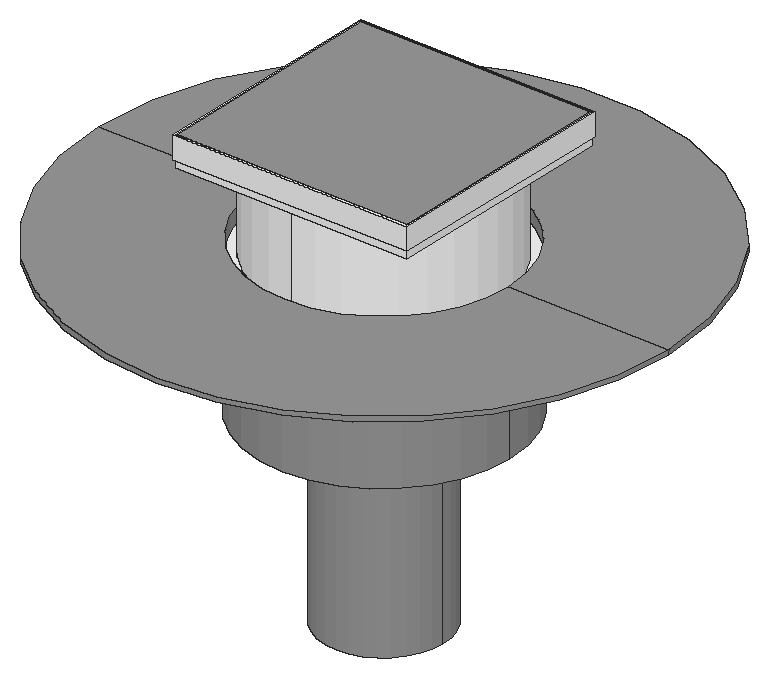
Revit family "HL_RU_Roof drain_HL62BF-B-221103", category Instalační zařizovací předměty, Revit 2021
Family settings
  Kóta kulaté spojky = Použít průměr
  Typ dílu = Normální
  Číslo OmniClass = 23.70.50.21.24.14
  Nadpis OmniClass = Deck Waste Water Drains
  Založené na pracovní rovině = Ne
  Vždy vertikální = Ano
  Ořezat dutým tvarem při načtení = Ne
  Sdílené = Ne
  Bod výpočtu místnosti = Ano
Parameters
  РЕШЁТКА = "Edelstahl 137x137mm"
  РАЗМЕР = "DN75"
  ПРОПУСКНАЯ СПОСОБНОСТЬ [instance] = 0.0 L/s
  ПРОИЗВОДИТЕЛЬНОСТЬ = "6,0 l/s"
  ПРАВОВАЯ ИНФОРМАЦИЯ = "Авторские права(©), права на дизайн или какие либо другие права интелектуальной собственности являются исключительной собственностью компании HL Hutterer & Lechner. Изменению не подлежит. Файл семейства с данными о прозводителе изделия защищен паролем с водяным знаком."
  НОМИНАЛЬНЫЙ ДИАМЕТР = 75 mm
  НАСАДКА = "19-65mm/148x148mm"
  МАТЕРИАЛ = "PP"
  МАКСИМАЛЬНАЯ НАГРУЗКА КЛАССА = "K - 300 kg"
  ВЕС = "1,32 [kg]"
  Výchozí výška = 0 mm
  Výrobce = "HL Hutterer & Lechner GmbH"  # constant formula
  URL = "http://www.hutterer-lechner.com/ru/products/catalog/roof-drains/HL62BF/7.aspx"
  Материал плитка [instance] = none
  Přípoj ventilace = no
  Přípoj odpadních dílů = yes
  Přípoj HW = no
  Přípoj CW = no
  Popis = "Кровельные воронки"
  Model = "HL62BF_7"
  Assembly Code = " "
  Type Comments = "HL62BF/7 Кровельная воронка DN75 для эксплуатируемой кровли, вертикальный выпуск, с ПП_фланцем,"
  Keynote = "HL62BF_7"
  EAN = "9003076031344"
  Bысота монтажа [instance] = 65 mm  # constant formula
  G [instance] = 180.00°  # constant formula
  D [instance] = if(НОМИНАЛЬНЫЙ ДИАМЕТР = 75 mm, 116.5 mm, if(НОМИНАЛЬНЫЙ ДИАМЕТР = 125 mm, 67 mm, 60 mm)) + Bысота монтажа  # 181.5 mm
  C [instance] = if(Bысота монтажа - 68 mm < 0 mm, 0 mm, Bысота монтажа - 68 mm)  # 0 mm
  B [instance] = 100 mm  # constant formula
  A [instance] = if(B - 100 mm > 15 mm, B - 100 mm, 15 mm)  # 15 mm
Types (4, lengths in mm): name | РАЗМЕР | НОМИНАЛЬНЫЙ ДИАМЕТР | ВЕС | URL | Model | Type Comments | Keynote | EAN | D
  (no name) | "DN75" | 75 | "1,32 [kg]" | "http://www.hutterer-lechner.com/ru/products/catalog/roof-drains/HL62BF/7.aspx" | "HL62BF_7" | "HL62BF/7 Кровельная воронка DN75 для эксплуатируемой кровли, вертикальный выпуск, с ПП_фланцем," | "HL62BF_7" | "9003076031344" | 181.5
  HL_Кровельная воронка_HL62BF_1 | "DN110" | 110 | "0,9 [kg]" | "http://www.hutterer-lechner.com/ru/products/catalog/roof-drains/HL62BF/1.aspx" | "HL62BF_1" | "HL62BF/1 Кровельная воронка DN110 для эксплуатируемой кровли, вертикальный выпуск, с ПП_фланцем," | "HL62BF_1" | "9003076031351" | 125
  HL_Кровельная воронка_HL62BF_2 | "DN125" | 125 | "0,94 [kg]" | "http://www.hutterer-lechner.com/ru/products/catalog/roof-drains/HL62BF/2.aspx" | "HL62BF_2" | "HL62BF/2 Кровельная воронка DN125 для эксплуатируемой кровли, вертикальный выпуск, с ПП_фланцем," | "HL62BF_2" | "9003076031368" | 132
  HL_Кровельная воронка_HL62BF_7 | "DN75" | 75 | "1,32 [kg]" | "http://www.hutterer-lechner.com/ru/products/catalog/roof-drains/HL62BF/7.aspx" | "HL62BF_7" | "HL62BF/7 Кровельная воронка DN75 для эксплуатируемой кровли, вертикальный выпуск, с ПП_фланцем," | "HL62BF_7" | "9003076031344" | 181.5
Reference planes
  plane 1 "Center (Front/Back)": y = 0
  plane 2: z = 0
  plane 3 "Center (Left/Right)": x = 0
  plane 4: z = -100
  plane 5: z = -65
Lines and regions (mm)
  model lines, style "InvisibleLines"
    curve 1: line (0, 0, 0) -> (0, 0, 20)
  model lines, style "PlumbingFixtures", detail levels coarse+medium
    curve 2: line (0, 0, -100) -> (0, 0, -85)
    curve 3: line (0, 0, -85) -> (-85, 0, 0)
    curve 4: line (0, 0, -85) -> (85, 0, 0)
    curve 6: line (0, 0, -100) -> (0, 0, -281.5)
  reference lines, not visible
    curve 5: line (0, 0, -100) -> (0, 0, -281.5)
  symbolic lines, style "PlumbingFixtures", detail levels coarse+medium
    curve 7: line (-75, 75, 0) -> (75, 75, 0)
    curve 8: line (-75, -75, 0) -> (-75, 75, 0)
    curve 9: line (75, -75, 0) -> (-75, -75, 0)
    curve 10: line (75, 75, 0) -> (75, -75, 0)
    curve 11: line (-75, 75, 0) -> (-145.711, 145.711, 0)
    curve 12: line (75, 75, 0) -> (145.711, 145.711, 0)
    curve 13: line (-75, -75, 0) -> (-145.711, -145.711, 0)
    curve 14: line (75, -75, 0) -> (145.711, -145.711, 0)
  symbolic lines, style "PlumbingFixtures", not visible, detail levels coarse+medium
    curve 15: line (-75, 75, 0) -> (75, 75, 0)
    curve 16: line (-75, -75, 0) -> (-75, 75, 0)
    curve 17: line (75, -75, 0) -> (-75, -75, 0)
    curve 18: line (75, 75, 0) -> (75, -75, 0)
    curve 19: line (-75, 75, 0) -> (-145.711, 145.711, 0)
    curve 20: line (75, 75, 0) -> (145.711, 145.711, 0)
    curve 21: line (-75, -75, 0) -> (-145.711, -145.711, 0)
    curve 22: line (75, -75, 0) -> (145.711, -145.711, 0)
Text (mm)
  text "FLOOR" at (-162.344, 0, -10.979), in view "Drain Construction View"
Dimensions and locks
  "B": plane 2 to plane 4
  "Bысота монтажа": plane 2 to plane 5
  "A": curve 4 to plane 4
  "D": curve 5 to curve 5
  "D": curve 6 to curve 6
  locked: curve 4 to plane 3 "Center (Left/Right)" (angle 45.00°)
  locked: plane 3 "Center (Left/Right)" to curve 3 (angle 45.00°)
  "G": angle curve 5 to plane 3 "Center (Left/Right)"
  aligned and locked: level to plane 2
  aligned and locked: plane 2 to curve 4
  aligned and locked: plane 2 to curve 3
  aligned and locked: plane 4 to curve 5
  aligned and locked: plane 3 "Center (Left/Right)" to curve 5
  aligned and locked: plane 4 to curve 2
  aligned and locked: curve 6 to plane 3 "Center (Left/Right)"
  aligned and locked: curve 6 to plane 4
  aligned and locked: plane 2 to nested 1
  aligned and locked: plane 3 "Center (Left/Right)" to nested 1
  aligned and locked: nested 2 to plane 3 "Center (Left/Right)"
  aligned and locked: nested 2 to plane 5
Automatic sketch dimensions
  curve 2 to plane 3 "Center (Left/Right)" = 0 mm
  curve 1 to plane 3 "Center (Left/Right)" = 0 mm
  curve 1 to level = 0 mm
  level to curve 1 = 20 mm
Nested families
  nested 1: "HL_Насадка_HL66.9S" at (0, 0, 0), Bысота монтажа <- "Bысота монтажа", type "HL_Grate frame_HL66.9S"
    with L 93 mm, IHmin 12 mm, IHmax 65 mm, Bысота монтажа 65 mm
  nested 2: "HL_кровельные воронки - корпус_HL62F" at (0, 0, -65), НОМИНАЛЬНЫЙ ДИАМЕТР <- "НОМИНАЛЬНЫЙ ДИАМЕТР", type "HL_кровельные воронки - корпус_HL62F"
    with НОМИНАЛЬНЫЙ ДИАМЕТР 75 mm, L 119.5 mm
Connectors
  piping at (0, 0, -281.5), diameter 75, driven by "ПРОПУСКНАЯ СПОСОБНОСТЬ", driven by "НОМИНАЛЬНЫЙ ДИАМЕТР"
    settings: on curve 5, index 1, connector inside diameter 609.6 mm, connector length 0 mm, flow factor 0, pipe flow 0.0 L/s, pressure drop 0.0 Pa, fitting loss kfactor 0, connector angle 0.00°, fixture units 0, engagement length 0 mm, angle of deflection 0.00°, flow configuration 1, flow direction 2, fitting loss method 0, system type 16, joint type 0, gender type 0, connector reference index -1, connector utility 0, adjustable connector yes, is connector primary yes, connector description ""
Definition of nested family "HL_Насадка_HL66.9S"
  Parameters (values of type "HL_Grate frame_HL66.9S")
    РЕШЁТКА = "Edelstahl 138x138mm"
    РАЗМЕР = "d 145 mm"
    ПРАВОВАЯ ИНФОРМАЦИЯ = "Авторские права(©), права на дизайн или какие либо другие права интелектуальной собственности являются исключительной собственностью компании HL Hutterer & Lechner. Изменению не подлежит. Файл семейства с данными о прозводителе изделия защищен паролем с водяным знаком."
    НАСАДКА = "147x147mm"
    МАТЕРИАЛ = "PP"
    МАКСИМАЛЬНАЯ НАГРУЗКА КЛАССА = "K - 300 kg"
    ВЫСОТА МОНТАЖА = "12-65mm"
    Материал плитка = none
    ВЕС = "0,345 [kg]"
    Default Elevation = 0 mm
    L [instance] = if(Bысота монтажа < IHmin, -100 mm, if(Bысота монтажа > IHmax, -100 mm, Bысота монтажа + 28 mm))  # 93 mm
    Manufacturer = "HL Hutterer & Lechner GmbH"
    URL = "http://www.hutterer-lechner.com/ru/products/catalog/roof-drains/HL66.9.aspx"
    Description = "Кровельные воронки"
    Model = "HL66.9"
    Type Comments = "HL66.9, Насадка d 145мм с бороздками/147х147мм/138х138мм"
    Keynote = "HL66.9"
    Bысота монтажа [instance] = 65 mm
    IHmin [instance] = 12 mm
    IHmax [instance] = 65 mm
    EAN = "9003076014606"
    Cost = 0
  Reference planes
    plane 1 "Střed (vpředu/vzadu)": y = 0
    plane 2: z = 0
    plane 3 "Střed (vlevo/vpravo)": x = 0
  Forms (mm)
    Revolve 1, solid, detail levels fine
      sketch origin (0, 0, 128) x (0, 1, 0) y (0, 0, 1)
        loop
          line (72.5, -142) -> (69.248, -142) -> (69.248, -221) -> (72.5, -221) -> (72.5, -142)
        axis (0, -142) -> (0, -221)
      angle from 0 to 360
    Extrusion 2, solid, detail levels fine
      sketch origin (-1.537, 0, -14.6) x (0, 1, 0) y (-1, 0, 0)
        loop
          line (74, 72.459) -> (-74, 72.459) -> (-74, -75.537) -> (74, -75.537) -> (74, 72.459)
        loop
          line (73, 71.463) -> (-73, 71.463) -> (-73, -74.537) -> (73, -74.537) -> (73, 71.463)
      from 0.6 to 14.6
    Extrusion 3, solid, detail levels fine
      sketch origin (-1.537, 0, -14) x (-1, 0, 0) y (0, 1, 0)
        loop
          line (71.463, 73) -> (-74.537, 73) -> (-74.537, -73) -> (71.463, -73) -> (71.463, 73)
        loop
          circle (-1.537, 0) r 72.5
      from 0 to 5
    Extrusion 4, solid, detail levels fine
      sketch origin (-1.537, 0, -14) x (-1, 0, 0) y (0, -1, 0)
        loop
          line (70.95, -72.397) -> (70.95, 72.463) -> (-74.05, 72.463) -> (-74.05, -72.397) -> (70.95, -72.397)
      from 0 to 14
    Revolve 5, solid, detail levels fine
      sketch origin (0, 75.989, -93) x (0, -1, 0) y (0, 0, -1)
        loop
          line (3.489, -20) -> (3.489, 0) -> (0.186, 0) -> (-2.325, -2.511) -> (-2.325, -20) -> (3.489, -20)
        axis (75.989, -20) -> (75.989, 0)
      angle from 0 to 360
  Lines and regions (mm)
    model lines, detail levels fine
      curve 1: line (36.25, 24.325, 0) -> (36.25, -24.42, 0)
      curve 2: line (43.75, -24.42, 0) -> (43.75, 24.325, 0)
      curve 3: line (52.25, 40.306, 0) -> (52.25, -40.355, 0)
      curve 4: line (59.75, -40.355, 0) -> (59.75, 40.306, 0)
      curve 5: line (20.25, 8.588, 0) -> (20.25, -8.684, 0)
      curve 6: line (27.75, -8.684, 0) -> (27.75, 8.588, 0)
      curve 7: arc (27.75, 8.588, 0) -> (24, 12.338, 0) -> (20.25, 8.588, 0) r 3.75
      curve 8: arc (20.25, -8.684, 0) -> (24, -12.434, 0) -> (27.75, -8.684, 0) r 3.75
      curve 9: arc (36.25, -24.42, 0) -> (40, -28.17, 0) -> (43.75, -24.42, 0) r 3.75
      curve 10: arc (43.75, 24.325, 0) -> (40, 28.075, 0) -> (36.25, 24.325, 0) r 3.75
      curve 11: arc (59.75, 40.306, 0) -> (56, 44.056, 0) -> (52.25, 40.306, 0) r 3.75
      curve 12: arc (52.25, -40.355, 0) -> (56, -44.105, 0) -> (59.75, -40.355, 0) r 3.75
      curve 13: line (-24.325, -36.25, 0) -> (24.42, -36.25, 0)
      curve 14: line (24.42, -43.75, 0) -> (-24.325, -43.75, 0)
      curve 15: line (-40.306, -52.25, 0) -> (40.355, -52.25, 0)
      curve 16: line (40.355, -59.75, 0) -> (-40.306, -59.75, 0)
      curve 17: line (-8.588, -20.25, 0) -> (8.684, -20.25, 0)
      curve 18: line (8.684, -27.75, 0) -> (-8.588, -27.75, 0)
      curve 19: arc (-8.588, -27.75, 0) -> (-12.338, -24, 0) -> (-8.588, -20.25, 0) r 3.75
      curve 20: arc (8.684, -20.25, 0) -> (12.434, -24, 0) -> (8.684, -27.75, 0) r 3.75
      curve 21: arc (24.42, -36.25, 0) -> (28.17, -40, 0) -> (24.42, -43.75, 0) r 3.75
      curve 22: arc (-24.325, -43.75, 0) -> (-28.075, -40, 0) -> (-24.325, -36.25, 0) r 3.75
      curve 23: arc (-40.306, -59.75, 0) -> (-44.056, -56, 0) -> (-40.306, -52.25, 0) r 3.75
      curve 24: arc (40.355, -52.25, 0) -> (44.105, -56, 0) -> (40.355, -59.75, 0) r 3.75
      curve 25: line (36.25, -24.42, 0) -> (36.25, 24.325, 0)
      curve 26: line (43.75, 24.325, 0) -> (43.75, -24.42, 0)
      curve 27: line (52.25, -40.355, 0) -> (52.25, 40.306, 0)
      curve 28: line (59.75, 40.306, 0) -> (59.75, -40.355, 0)
      curve 29: line (20.25, -8.684, 0) -> (20.25, 8.588, 0)
      curve 30: line (27.75, 8.588, 0) -> (27.75, -8.684, 0)
      curve 31: arc (27.75, -8.588, 0) -> (24, -12.338, 0) -> (20.25, -8.588, 0) r 3.75
      curve 32: arc (20.25, 8.684, 0) -> (24, 12.434, 0) -> (27.75, 8.684, 0) r 3.75
      curve 33: arc (36.25, 24.42, 0) -> (40, 28.17, 0) -> (43.75, 24.42, 0) r 3.75
      curve 34: arc (43.75, -24.325, 0) -> (40, -28.075, 0) -> (36.25, -24.325, 0) r 3.75
      curve 35: arc (59.75, -40.306, 0) -> (56, -44.056, 0) -> (52.25, -40.306, 0) r 3.75
      curve 36: arc (52.25, 40.355, 0) -> (56, 44.105, 0) -> (59.75, 40.355, 0) r 3.75
      curve 37: line (24.42, -36.25, 0) -> (-24.325, -36.25, 0)
      curve 38: line (-24.325, -43.75, 0) -> (24.42, -43.75, 0)
      curve 39: line (40.355, -52.25, 0) -> (-40.306, -52.25, 0)
      curve 40: line (-40.306, -59.75, 0) -> (40.355, -59.75, 0)
      curve 41: line (8.684, -20.25, 0) -> (-8.588, -20.25, 0)
      curve 42: line (-8.588, -27.75, 0) -> (8.684, -27.75, 0)
      curve 43: arc (8.588, -27.75, 0) -> (12.338, -24, 0) -> (8.588, -20.25, 0) r 3.75
      curve 44: arc (-8.684, -20.25, 0) -> (-12.434, -24, 0) -> (-8.684, -27.75, 0) r 3.75
      curve 45: arc (-24.42, -36.25, 0) -> (-28.17, -40, 0) -> (-24.42, -43.75, 0) r 3.75
      curve 46: arc (24.325, -43.75, 0) -> (28.075, -40, 0) -> (24.325, -36.25, 0) r 3.75
      curve 47: arc (40.306, -59.75, 0) -> (44.056, -56, 0) -> (40.306, -52.25, 0) r 3.75
      curve 48: arc (-40.355, -52.25, 0) -> (-44.105, -56, 0) -> (-40.355, -59.75, 0) r 3.75
      curve 49: line (-36.25, 24.325, 0) -> (-36.25, -24.325, 0)
      curve 50: line (-43.75, -24.325, 0) -> (-43.75, 24.325, 0)
      curve 51: line (-52.25, 40.306, 0) -> (-52.25, -40.306, 0)
      curve 52: line (-59.75, -40.306, 0) -> (-59.75, 40.306, 0)
      curve 53: line (-20.25, 8.588, 0) -> (-20.25, -8.588, 0)
      curve 54: line (-27.75, -8.684, 0) -> (-27.75, 8.588, 0)
      curve 55: arc (-27.75, 8.588, 0) -> (-24, 12.338, 0) -> (-20.25, 8.588, 0) r 3.75
      curve 56: arc (-20.25, -8.684, 0) -> (-24, -12.434, 0) -> (-27.75, -8.684, 0) r 3.75
      curve 57: arc (-43.75, 24.325, 0) -> (-40, 28.075, 0) -> (-36.25, 24.325, 0) r 3.75
      curve 58: arc (-59.75, 40.306, 0) -> (-56, 44.056, 0) -> (-52.25, 40.306, 0) r 3.75
      curve 59: line (-36.25, -24.325, 0) -> (-36.25, 24.325, 0)
      curve 60: line (-43.75, 24.325, 0) -> (-43.75, -24.325, 0)
      curve 61: line (-52.25, -40.306, 0) -> (-52.25, 40.306, 0)
      curve 62: line (-59.75, 40.306, 0) -> (-59.75, -40.306, 0)
      curve 63: line (-20.25, -8.588, 0) -> (-20.25, 8.588, 0)
      curve 64: line (-27.75, 8.588, 0) -> (-27.75, -8.684, 0)
      curve 65: arc (-27.75, -8.588, 0) -> (-24, -12.338, 0) -> (-20.25, -8.588, 0) r 3.75
      curve 66: arc (-20.25, 8.684, 0) -> (-24, 12.434, 0) -> (-27.75, 8.684, 0) r 3.75
      curve 67: arc (-36.25, 24.42, 0) -> (-40, 28.17, 0) -> (-43.75, 24.42, 0) r 3.75
      curve 68: arc (-43.75, -24.325, 0) -> (-40, -28.075, 0) -> (-36.25, -24.325, 0) r 3.75
      curve 69: arc (-59.75, -40.306, 0) -> (-56, -44.056, 0) -> (-52.25, -40.306, 0) r 3.75
      curve 70: arc (-52.25, 40.355, 0) -> (-56, 44.105, 0) -> (-59.75, 40.355, 0) r 3.75
      curve 71: line (-24.42, 36.25, 0) -> (24.325, 36.25, 0)
      curve 72: line (24.42, 43.75, 0) -> (-24.42, 43.75, 0)
      curve 73: line (-40.355, 52.25, 0) -> (40.306, 52.25, 0)
      curve 74: line (40.306, 59.75, 0) -> (-40.355, 59.75, 0)
      curve 75: line (-8.588, 20.25, 0) -> (8.588, 20.25, 0)
      curve 76: line (8.684, 27.75, 0) -> (-8.588, 27.75, 0)
      curve 77: arc (-8.588, 27.75, 0) -> (-12.338, 24, 0) -> (-8.588, 20.25, 0) r 3.75
      curve 78: arc (8.684, 20.25, 0) -> (12.434, 24, 0) -> (8.684, 27.75, 0) r 3.75
      curve 79: arc (24.42, 36.25, 0) -> (28.17, 40, 0) -> (24.42, 43.75, 0) r 3.75
      curve 80: line (24.325, 36.25, 0) -> (-24.42, 36.25, 0)
      curve 81: line (-24.42, 43.75, 0) -> (24.42, 43.75, 0)
      curve 82: line (40.306, 52.25, 0) -> (-40.355, 52.25, 0)
      curve 83: line (-40.355, 59.75, 0) -> (40.306, 59.75, 0)
      curve 84: line (8.588, 20.25, 0) -> (-8.588, 20.25, 0)
      curve 85: line (-8.588, 27.75, 0) -> (8.684, 27.75, 0)
      curve 86: arc (8.588, 27.75, 0) -> (12.338, 24, 0) -> (8.588, 20.25, 0) r 3.75
      curve 87: arc (-8.684, 20.25, 0) -> (-12.434, 24, 0) -> (-8.684, 27.75, 0) r 3.75
      curve 88: arc (-24.42, 36.25, 0) -> (-28.17, 40, 0) -> (-24.42, 43.75, 0) r 3.75
      curve 89: arc (24.325, 43.75, 0) -> (28.075, 40, 0) -> (24.325, 36.25, 0) r 3.75
      curve 90: arc (40.306, 59.75, 0) -> (44.056, 56, 0) -> (40.306, 52.25, 0) r 3.75
      curve 91: arc (-40.355, 52.25, 0) -> (-44.105, 56, 0) -> (-40.355, 59.75, 0) r 3.75
    reference lines
      curve 92: line (0, 75.989, -93) -> (0, -174.011, -93)
  Dimensions and locks
    Extrusion 2 sketch curve to Extrusion 2 sketch curve = 147.996 mm
    Extrusion 2 sketch curve to Extrusion 2 sketch curve = 148 mm
    "L": curve 92 to plane 2
    aligned and locked: level to plane 2
    aligned and locked: Revolve 1 to curve 92
  Automatic sketch dimensions
    plane 1 "Střed (vpředu/vzadu)" to Extrusion 2 sketch curve = 74 mm
    Extrusion 2 sketch curve to Extrusion 2 sketch curve = 1 mm  (x3)
    plane 3 "Střed (vlevo/vpravo)" to Extrusion 2 sketch curve = 74 mm
    Extrusion 2 sketch curve to Extrusion 2 sketch curve = 0.996 mm
    Extrusion 3 sketch curve to Extrusion 2 = 0 mm  (x4)
    Extrusion 3 sketch curve to Extrusion 2 = 73 mm  (x2)
    Extrusion 2 to curve 16 = 13.25 mm
    curve 24 to curve 47 = 3.75 mm
    curve 47 to curve 24 = 0 mm
    curve 48 to curve 23 = 0 mm  (x2)
    curve 23 to curve 38 = 8.5 mm
    curve 24 to curve 12 = 11.895 mm
    curve 12 to curve 35 = 0.048 mm
    curve 15 to curve 69 = 11.944 mm
    curve 22 to curve 45 = 3.75 mm
    curve 21 to curve 46 = 3.75 mm
    curve 46 to curve 21 = 0 mm
    curve 22 to curve 18 = 8.5 mm
    curve 21 to curve 9 = 11.83 mm
    curve 13 to curve 49 = 11.925 mm
    curve 9 to curve 34 = 0.095 mm
    curve 18 to curve 19 = 3.75 mm
    curve 44 to curve 19 = 0 mm  (x2)
    curve 43 to curve 20 = 0 mm
    curve 20 to curve 5 = 11.566 mm
    curve 49 to curve 64 = 15.642 mm
    curve 8 to curve 31 = 0.095 mm
    curve 56 to curve 53 = 0.095 mm
    curve 65 to curve 64 = 17.177 mm
    curve 31 to curve 29 = 17.177 mm
    curve 7 to curve 32 = 0.095 mm
    curve 55 to curve 66 = 0.095 mm
    curve 32 to curve 84 = 11.566 mm
    curve 86 to curve 78 = 3.75 mm
    curve 86 to curve 78 = 0 mm
    curve 77 to curve 87 = 3.75 mm
    curve 87 to curve 77 = 0 mm  (x2)
    curve 66 to curve 60 = 15.642 mm
    curve 32 to curve 26 = 15.642 mm
    curve 10 to curve 33 = 0.095 mm
    curve 57 to curve 67 = 0.095 mm
    curve 33 to curve 71 = 11.83 mm
    curve 89 to curve 89 = 3.75 mm
    curve 88 to curve 88 = 3.75 mm
    curve 89 to curve 79 = 0 mm
    curve 33 to curve 11 = 15.886 mm
    curve 67 to curve 51 = 15.886 mm
    curve 58 to curve 70 = 0.048 mm
    curve 11 to curve 36 = 0.048 mm
    curve 70 to curve 73 = 11.895 mm
    curve 90 to curve 90 = 3.75 mm
    Extrusion 2 to curve 28 = 13.25 mm
    curve 4 to curve 11 = 3.75 mm
    curve 35 to curve 12 = 0 mm
    curve 36 to curve 11 = 0 mm
    curve 3 to curve 2 = 8.5 mm
    curve 3 to curve 39 = 11.895 mm
    curve 11 to curve 83 = 11.944 mm
    curve 24 to curve 47 = 0.048 mm
    curve 26 to curve 9 = 3.75 mm
    curve 33 to curve 10 = 0 mm
    curve 34 to curve 9 = 0 mm
    curve 34 to curve 30 = 8.5 mm
    curve 90 to curve 72 = 15.886 mm
    curve 1 to curve 21 = 11.83 mm
    curve 79 to curve 80 = 0.095 mm
    curve 21 to curve 46 = 0.095 mm
    curve 6 to curve 32 = 3.75 mm
    curve 6 to curve 8 = 3.75 mm
    curve 31 to curve 8 = 0 mm
    curve 29 to curve 17 = 11.566 mm
    curve 7 to curve 78 = 11.566 mm
    curve 78 to curve 86 = 0.095 mm
    curve 20 to curve 43 = 0.095 mm
    curve 43 to curve 41 = 17.177 mm
    curve 86 to curve 77 = 17.177 mm
    curve 19 to curve 44 = 0.095 mm
    curve 77 to curve 87 = 0.095 mm
    curve 87 to curve 53 = 11.566 mm
    curve 53 to curve 66 = 3.75 mm
    curve 55 to curve 66 = 0 mm
    curve 56 to curve 54 = 3.75 mm
    curve 65 to curve 56 = 0 mm
    curve 44 to curve 14 = 15.642 mm
    curve 22 to curve 45 = 0.095 mm
    curve 87 to curve 72 = 15.736 mm
    curve 45 to curve 59 = 11.83 mm
    curve 57 to curve 67 = 3.75 mm
    curve 68 to curve 68 = 3.75 mm
    curve 45 to curve 15 = 15.886 mm
    curve 23 to curve 48 = 0.048 mm
    curve 72 to curve 74 = 15.935 mm
    curve 91 to curve 51 = 11.895 mm
    curve 51 to curve 70 = 3.75 mm
    curve 51 to curve 69 = 3.75 mm
    curve 45 to curve 22 = 0 mm
    curve 36 to curve 28 = 0 mm
    curve 33 to curve 2 = 0 mm
    curve 32 to curve 30 = 0 mm
    curve 66 to curve 55 = 0 mm
    curve 67 to curve 57 = 0 mm
    curve 70 to curve 51 = 0 mm
    Extrusion 4 sketch curve to Extrusion 3 = 0.487 mm
    Extrusion 4 sketch curve to Extrusion 3 = 0.513 mm
    Extrusion 4 sketch curve to Extrusion 3 = 0.603 mm
    Extrusion 4 sketch curve to Extrusion 3 = 0.537 mm
    Revolve 1 sketch curve to plane 1 "Střed (vpředu/vzadu)" = 0 mm
    Revolve 1 sketch curve to level = 14 mm
    Revolve 1 sketch curve to plane 1 "Střed (vpředu/vzadu)" = 69.248 mm
    Revolve 1 sketch curve to Revolve 1 sketch curve = 3.252 mm
    Revolve 1 sketch curve to Revolve 1 sketch curve = 79 mm
    Revolve 1 sketch curve to Revolve 1 sketch curve = 17.5 mm
    level to Revolve 1 sketch curve = 144.5 mm
    Revolve 5 sketch curve to curve 92 = 0 mm
    Revolve 5 sketch curve to curve 92 = 2.325 mm
    curve 92 to Revolve 5 sketch curve = 0.186 mm
    curve 92 to Revolve 5 sketch curve = 3.489 mm
    Revolve 5 sketch curve to curve 92 = 2.511 mm
    Revolve 5 sketch curve to curve 92 = 20 mm
    curve 92 to Revolve 5 sketch curve = 75.989 mm
    Revolve 5 sketch curve to curve 92 = 393 mm
    curve 92 to Revolve 5 sketch curve = 207 mm
    plane 1 "Střed (vpředu/vzadu)" to curve 92 = 174.011 mm
    curve 92 to plane 1 "Střed (vpředu/vzadu)" = 75.989 mm
    radius of Extrusion 3 sketch curve = 72.5 mm
Definition of nested family "HL_кровельные воронки - корпус_HL62F"
  Parameters (values of type "HL_кровельные воронки - корпус_HL62F")
    НОМИНАЛЬНЫЙ ДИАМЕТР [instance] = 110 mm
    Default Elevation = 0 mm
    Manufacturer = ""
    URL = ""
    Description = ""
    Model = ""
    L [instance] = if(НОМИНАЛЬНЫЙ ДИАМЕТР = 75 mm, 119.5 mm, if(НОМИНАЛЬНЫЙ ДИАМЕТР = 110 mm, 63 mm, if(НОМИНАЛЬНЫЙ ДИАМЕТР = 125 mm, 70 mm, 0 mm)))  # 63 mm
    Type Comments = ""
    Cost = 0
  Reference planes
    plane 1 "Střed (vpředu/vzadu)": y = 0
    plane 2: z = 0
    plane 3 "Střed (vlevo/vpravo)": x = 0
    plane 4: z = -97
  Forms (mm)
    Revolve 1, solid, detail levels fine
      sketch origin (0, 0, 0) x (1, 0, 0) y (0, 0, 1)
        loop
          line (-180, -3) -> (-81.687, -3) -> (-81.687, -17.808) -> (-79.882, -20.934) -> (-79.882, -97) -> (0, -97) -> (0, -37.3) -> (-64.783, -37.3) -> (-65.765, -29.3) -> (-74.763, -29.3) -> (-74.763, -23.875) -> (-78.907, -16.698) -> (-78.907, 0) -> (-180, 0) -> (-180, -3)
        axis (0, 0) -> (0, -97)
      angle from 0 to 360
    Extrusion 2, solid, detail levels fine
      sketch origin (-79.882, -1524, -97) x (-1, 0, 0) y (0, -1, 0)
        loop
          circle (-79.882, -1524) r 55
      from 0 to -63
  Cuts and joins
    joined: Revolve 1, Extrusion 2
  Dimensions and locks
    "L": plane 4 to cut or joined group of Revolve 1, Extrusion 2
    "НОМИНАЛЬНЫЙ ДИАМЕТР": diameter of Extrusion 2 sketch curve
    aligned and locked: level to plane 2
  Automatic sketch dimensions
    Revolve 1 sketch curve to level = 0 mm
    Revolve 1 sketch curve to plane 3 "Střed (vlevo/vpravo)" = 0 mm  (x2)
    Revolve 1 sketch curve to plane 3 "Střed (vlevo/vpravo)" = 64.783 mm
    Revolve 1 sketch curve to level = 29.3 mm
    Revolve 1 sketch curve to Revolve 1 sketch curve = 0.982 mm
    Revolve 1 sketch curve to Revolve 1 sketch curve = 8.998 mm
    Revolve 1 sketch curve to level = 16.698 mm
    Revolve 1 sketch curve to Revolve 1 sketch curve = 4.143 mm
    Revolve 1 sketch curve to Revolve 1 sketch curve = 15.099 mm
    Revolve 1 sketch curve to Revolve 1 sketch curve = 2.78 mm
    Revolve 1 sketch curve to level = 3 mm
    Revolve 1 sketch curve to Revolve 1 sketch curve = 98.313 mm
    Revolve 1 sketch curve to Revolve 1 sketch curve = 8 mm
    Revolve 1 sketch curve to Revolve 1 sketch curve = 59.7 mm
    Revolve 1 sketch curve to Revolve 1 sketch curve = 5.425 mm
    Revolve 1 sketch curve to Revolve 1 sketch curve = 4.236 mm
    Revolve 1 sketch curve to Revolve 1 sketch curve = 1.11 mm
    Revolve 1 sketch curve to Revolve 1 sketch curve = 203 mm
    level to Revolve 1 sketch curve = 295.621 mm
    plane 1 "Střed (vpředu/vzadu)" to Extrusion 2 sketch curve = 0 mm
    Extrusion 2 sketch curve to plane 3 "Střed (vlevo/vpravo)" = 0 mm
